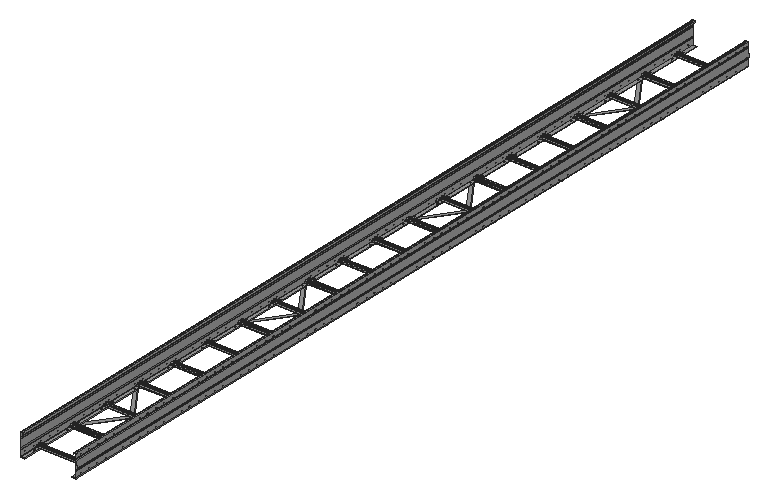
Revit family "WKLG1640", category Generic Models, Revit 2017 (continued)
Forms (mm)
  Extrusion 73, void
    sketch origin (0, 5250, 0) x (0, 1, 0) y (0, 0, 1)
      loop
        arc (50, 23.963) -> (49.843, 24.343) -> (49.463, 24.5) r 0.537
        line (49.463, 24.5) -> (25.5, 24.5)
    from 198 to 199.99
  Extrusion 74, void
    sketch origin (0, 5325, 0) x (0, 1, 0) y (0, 0, 1)
      loop
        arc (25.5, 24.5) -> (25.146, 24.354) -> (25, 24) r 0.5
        line (25, 24) -> (25, 16)
        arc (25, 16) -> (25.146, 15.646) -> (25.5, 15.5) r 0.5
        line (25.5, 15.5) -> (49.5, 15.5)
        arc (49.5, 15.5) -> (49.854, 15.646) -> (50, 16) r 0.5
        line (50, 16) -> (50, 23.963)
        arc (50, 23.963) -> (49.843, 24.343) -> (49.463, 24.5) r 0.537
        line (49.463, 24.5) -> (25.5, 24.5)
    from 198 to 199.99
  Extrusion 75, void
    sketch origin (0, 5400, 0) x (0, 1, 0) y (0, 0, 1)
      loop
        arc (25.5, 24.5) -> (25.146, 24.354) -> (25, 24) r 0.5
        line (25, 24) -> (25, 16)
        arc (25, 16) -> (25.146, 15.646) -> (25.5, 15.5) r 0.5
        line (25.5, 15.5) -> (49.5, 15.5)
        arc (49.5, 15.5) -> (49.854, 15.646) -> (50, 16) r 0.5
        line (50, 16) -> (50, 23.963)
        arc (50, 23.963) -> (49.843, 24.343) -> (49.463, 24.5) r 0.537
        line (49.463, 24.5) -> (25.5, 24.5)
    from 198 to 199.99
  Extrusion 76, void
    sketch origin (0, 5475, 0) x (0, 1, 0) y (0, 0, 1)
      loop
        arc (25.5, 24.5) -> (25.146, 24.354) -> (25, 24) r 0.5
        line (25, 24) -> (25, 16)
        arc (25, 16) -> (25.146, 15.646) -> (25.5, 15.5) r 0.5
        line (25.5, 15.5) -> (49.5, 15.5)
        arc (49.5, 15.5) -> (49.854, 15.646) -> (50, 16) r 0.5
        line (50, 16) -> (50, 23.963)
        arc (50, 23.963) -> (49.843, 24.343) -> (49.463, 24.5) r 0.537
        line (49.463, 24.5) -> (25.5, 24.5)
    from 198 to 199.99
  Extrusion 77, void
    sketch origin (0, 5550, 0) x (0, 1, 0) y (0, 0, 1)
      loop
        arc (25.5, 24.5) -> (25.146, 24.354) -> (25, 24) r 0.5
        line (25, 24) -> (25, 16)
        arc (25, 16) -> (25.146, 15.646) -> (25.5, 15.5) r 0.5
        line (25.5, 15.5) -> (49.5, 15.5)
        arc (49.5, 15.5) -> (49.854, 15.646) -> (50, 16) r 0.5
        line (50, 16) -> (50, 23.963)
        arc (50, 23.963) -> (49.843, 24.343) -> (49.463, 24.5) r 0.537
        line (49.463, 24.5) -> (25.5, 24.5)
    from 198 to 199.99
  Extrusion 78, void
    sketch origin (0, 5625, 0) x (0, 1, 0) y (0, 0, 1)
      loop
        arc (25.5, 24.5) -> (25.146, 24.354) -> (25, 24) r 0.5
        line (25, 24) -> (25, 16)
        arc (25, 16) -> (25.146, 15.646) -> (25.5, 15.5) r 0.5
        line (25.5, 15.5) -> (49.5, 15.5)
        arc (49.5, 15.5) -> (49.854, 15.646) -> (50, 16) r 0.5
        line (50, 16) -> (50, 23.963)
        arc (50, 23.963) -> (49.843, 24.343) -> (49.463, 24.5) r 0.537
        line (49.463, 24.5) -> (25.5, 24.5)
    from 198 to 199.99
  Extrusion 79, void
    sketch origin (0, 5700, 0) x (0, 1, 0) y (0, 0, 1)
      loop
        arc (25.5, 24.5) -> (25.146, 24.354) -> (25, 24) r 0.5
        line (25, 24) -> (25, 16)
        arc (25, 16) -> (25.146, 15.646) -> (25.5, 15.5) r 0.5
        line (25.5, 15.5) -> (49.5, 15.5)
        arc (49.5, 15.5) -> (49.854, 15.646) -> (50, 16) r 0.5
        line (50, 16) -> (50, 23.963)
        arc (50, 23.963) -> (49.843, 24.343) -> (49.463, 24.5) r 0.537
        line (49.463, 24.5) -> (25.5, 24.5)
    from 198 to 199.99
  Extrusion 80, void
    sketch origin (0, 5775, 0) x (0, 1, 0) y (0, 0, 1)
      loop
        arc (25.5, 24.5) -> (25.146, 24.354) -> (25, 24) r 0.5
        line (25, 24) -> (25, 16)
        arc (25, 16) -> (25.146, 15.646) -> (25.5, 15.5) r 0.5
        line (25.5, 15.5) -> (49.5, 15.5)
        arc (49.5, 15.5) -> (49.854, 15.646) -> (50, 16) r 0.5
        line (50, 16) -> (50, 23.963)
        arc (50, 23.963) -> (49.843, 24.343) -> (49.463, 24.5) r 0.537
        line (49.463, 24.5) -> (25.5, 24.5)
    from 198 to 199.99
  Extrusion 81, void
    sketch origin (0, 5850, 0) x (0, 1, 0) y (0, 0, 1)
      loop
        arc (25.5, 24.5) -> (25.146, 24.354) -> (25, 24) r 0.5
        line (25, 24) -> (25, 16)
        arc (25, 16) -> (25.146, 15.646) -> (25.5, 15.5) r 0.5
        line (25.5, 15.5) -> (49.5, 15.5)
        arc (49.5, 15.5) -> (49.854, 15.646) -> (50, 16) r 0.5
        line (50, 16) -> (50, 23.963)
        arc (50, 23.963) -> (49.843, 24.343) -> (49.463, 24.5) r 0.537
        line (49.463, 24.5) -> (25.5, 24.5)
    from 198 to 199.99
  Extrusion 82, void
    sketch origin (0, 5925, 0) x (0, 1, 0) y (0, 0, 1)
      loop
        arc (25.5, 24.5) -> (25.146, 24.354) -> (25, 24) r 0.5
        line (25, 24) -> (25, 16)
        arc (25, 16) -> (25.146, 15.646) -> (25.5, 15.5) r 0.5
        line (25.5, 15.5) -> (49.5, 15.5)
        arc (49.5, 15.5) -> (49.854, 15.646) -> (50, 16) r 0.5
        line (50, 16) -> (50, 23.963)
        arc (50, 23.963) -> (49.843, 24.343) -> (49.463, 24.5) r 0.537
        line (49.463, 24.5) -> (25.5, 24.5)
    from 198 to 199.99
  Extrusion 83, void
    sketch origin (0, 0, 0) x (0, 1, 0) y (0, 0, 1)
      loop
        arc (25.5, 144.531) -> (25.146, 144.385) -> (25, 144.031) r 0.5
        line (25, 144.031) -> (25, 136.031)
        arc (25, 136.031) -> (25.146, 135.677) -> (25.5, 135.531) r 0.5
        line (25.5, 135.531) -> (49.5, 135.531)
        arc (49.5, 135.531) -> (49.854, 135.677) -> (50, 136.031) r 0.5
        line (50, 136.031) -> (50, 144.031)
        arc (50, 144.031) -> (49.854, 144.385) -> (49.5, 144.531) r 0.5
        line (49.5, 144.531) -> (25.5, 144.531)
    from 197.685 to 199.684
  Extrusion 84, void
    sketch origin (0, 75, 0) x (0, 1, 0) y (0, 0, 1)
      loop
        arc (25.5, 144.531) -> (25.146, 144.385) -> (25, 144.031) r 0.5
        line (25, 144.031) -> (25, 136.031)
        arc (25, 136.031) -> (25.146, 135.677) -> (25.5, 135.531) r 0.5
        line (25.5, 135.531) -> (49.5, 135.531)
        arc (49.5, 135.531) -> (49.854, 135.677) -> (50, 136.031) r 0.5
        line (50, 136.031) -> (50, 144.031)
        arc (50, 144.031) -> (49.854, 144.385) -> (49.5, 144.531) r 0.5
        line (49.5, 144.531) -> (25.5, 144.531)
    from 197.685 to 199.684
  Extrusion 85, void
    sketch origin (0, 150, 0) x (0, 1, 0) y (0, 0, 1)
      loop
        arc (25.5, 144.531) -> (25.146, 144.385) -> (25, 144.031) r 0.5
        line (25, 144.031) -> (25, 136.031)
        arc (25, 136.031) -> (25.146, 135.677) -> (25.5, 135.531) r 0.5
        line (25.5, 135.531) -> (49.5, 135.531)
        arc (49.5, 135.531) -> (49.854, 135.677) -> (50, 136.031) r 0.5
        line (50, 136.031) -> (50, 144.031)
        arc (50, 144.031) -> (49.854, 144.385) -> (49.5, 144.531) r 0.5
        line (49.5, 144.531) -> (25.5, 144.531)
    from 197.685 to 199.684
  Extrusion 86, void
    sketch origin (0, 225, 0) x (0, 1, 0) y (0, 0, 1)
      loop
        arc (25.5, 144.531) -> (25.146, 144.385) -> (25, 144.031) r 0.5
        line (25, 144.031) -> (25, 136.031)
        arc (25, 136.031) -> (25.146, 135.677) -> (25.5, 135.531) r 0.5
        line (25.5, 135.531) -> (49.5, 135.531)
        arc (49.5, 135.531) -> (49.854, 135.677) -> (50, 136.031) r 0.5
        line (50, 136.031) -> (50, 144.031)
        arc (50, 144.031) -> (49.854, 144.385) -> (49.5, 144.531) r 0.5
        line (49.5, 144.531) -> (25.5, 144.531)
    from 197.685 to 199.684
  Extrusion 87, void
    sketch origin (0, 300, 0) x (0, 1, 0) y (0, 0, 1)
      loop
        arc (25.5, 144.531) -> (25.146, 144.385) -> (25, 144.031) r 0.5
        line (25, 144.031) -> (25, 136.031)
        arc (25, 136.031) -> (25.146, 135.677) -> (25.5, 135.531) r 0.5
        line (25.5, 135.531) -> (49.5, 135.531)
        arc (49.5, 135.531) -> (49.854, 135.677) -> (50, 136.031) r 0.5
        line (50, 136.031) -> (50, 144.031)
        arc (50, 144.031) -> (49.854, 144.385) -> (49.5, 144.531) r 0.5
        line (49.5, 144.531) -> (25.5, 144.531)
    from 197.685 to 199.684
  Extrusion 88, void
    sketch origin (0, 375, 0) x (0, 1, 0) y (0, 0, 1)
      loop
        arc (25.5, 144.531) -> (25.146, 144.385) -> (25, 144.031) r 0.5
        line (25, 144.031) -> (25, 136.031)
        arc (25, 136.031) -> (25.146, 135.677) -> (25.5, 135.531) r 0.5
        line (25.5, 135.531) -> (49.5, 135.531)
        arc (49.5, 135.531) -> (49.854, 135.677) -> (50, 136.031) r 0.5
        line (50, 136.031) -> (50, 144.031)
        arc (50, 144.031) -> (49.854, 144.385) -> (49.5, 144.531) r 0.5
        line (49.5, 144.531) -> (25.5, 144.531)
    from 197.685 to 199.684
  Extrusion 89, void
    sketch origin (0, 450, 0) x (0, 1, 0) y (0, 0, 1)
      loop
        arc (25.5, 144.531) -> (25.146, 144.385) -> (25, 144.031) r 0.5
        line (25, 144.031) -> (25, 136.031)
        arc (25, 136.031) -> (25.146, 135.677) -> (25.5, 135.531) r 0.5
        line (25.5, 135.531) -> (49.5, 135.531)
        arc (49.5, 135.531) -> (49.854, 135.677) -> (50, 136.031) r 0.5
        line (50, 136.031) -> (50, 144.031)
        arc (50, 144.031) -> (49.854, 144.385) -> (49.5, 144.531) r 0.5
        line (49.5, 144.531) -> (25.5, 144.531)
    from 197.685 to 199.684
  Extrusion 90, void
    sketch origin (0, 525, 0) x (0, 1, 0) y (0, 0, 1)
      loop
        arc (25.5, 144.531) -> (25.146, 144.385) -> (25, 144.031) r 0.5
        line (25, 144.031) -> (25, 136.031)
        arc (25, 136.031) -> (25.146, 135.677) -> (25.5, 135.531) r 0.5
        line (25.5, 135.531) -> (49.5, 135.531)
        arc (49.5, 135.531) -> (49.854, 135.677) -> (50, 136.031) r 0.5
        line (50, 136.031) -> (50, 144.031)
        arc (50, 144.031) -> (49.854, 144.385) -> (49.5, 144.531) r 0.5
        line (49.5, 144.531) -> (25.5, 144.531)
    from 197.685 to 199.684
  Extrusion 91, void
    sketch origin (0, 600, 0) x (0, 1, 0) y (0, 0, 1)
      loop
        arc (25.5, 144.531) -> (25.146, 144.385) -> (25, 144.031) r 0.5
        line (25, 144.031) -> (25, 136.031)
        arc (25, 136.031) -> (25.146, 135.677) -> (25.5, 135.531) r 0.5
        line (25.5, 135.531) -> (49.5, 135.531)
        arc (49.5, 135.531) -> (49.854, 135.677) -> (50, 136.031) r 0.5
        line (50, 136.031) -> (50, 144.031)
        arc (50, 144.031) -> (49.854, 144.385) -> (49.5, 144.531) r 0.5
        line (49.5, 144.531) -> (25.5, 144.531)
    from 197.685 to 199.684
  Extrusion 92, void
    sketch origin (0, 675, 0) x (0, 1, 0) y (0, 0, 1)
      loop
        arc (25.5, 144.531) -> (25.146, 144.385) -> (25, 144.031) r 0.5
        line (25, 144.031) -> (25, 136.031)
        arc (25, 136.031) -> (25.146, 135.677) -> (25.5, 135.531) r 0.5
        line (25.5, 135.531) -> (49.5, 135.531)
        arc (49.5, 135.531) -> (49.854, 135.677) -> (50, 136.031) r 0.5
        line (50, 136.031) -> (50, 144.031)
        arc (50, 144.031) -> (49.854, 144.385) -> (49.5, 144.531) r 0.5
        line (49.5, 144.531) -> (25.5, 144.531)
    from 197.685 to 199.684
  Extrusion 93, void
    sketch origin (0, 750, 0) x (0, 1, 0) y (0, 0, 1)
      loop
        arc (25.5, 144.531) -> (25.146, 144.385) -> (25, 144.031) r 0.5
        line (25, 144.031) -> (25, 136.031)
        arc (25, 136.031) -> (25.146, 135.677) -> (25.5, 135.531) r 0.5
        line (25.5, 135.531) -> (49.5, 135.531)
        arc (49.5, 135.531) -> (49.854, 135.677) -> (50, 136.031) r 0.5
        line (50, 136.031) -> (50, 144.031)
        arc (50, 144.031) -> (49.854, 144.385) -> (49.5, 144.531) r 0.5
        line (49.5, 144.531) -> (25.5, 144.531)
    from 197.685 to 199.684
  Extrusion 94, void
    sketch origin (0, 825, 0) x (0, 1, 0) y (0, 0, 1)
      loop
        arc (25.5, 144.531) -> (25.146, 144.385) -> (25, 144.031) r 0.5
        line (25, 144.031) -> (25, 136.031)
        arc (25, 136.031) -> (25.146, 135.677) -> (25.5, 135.531) r 0.5
        line (25.5, 135.531) -> (49.5, 135.531)
        arc (49.5, 135.531) -> (49.854, 135.677) -> (50, 136.031) r 0.5
        line (50, 136.031) -> (50, 144.031)
        arc (50, 144.031) -> (49.854, 144.385) -> (49.5, 144.531) r 0.5
        line (49.5, 144.531) -> (25.5, 144.531)
    from 197.685 to 199.684
  Extrusion 95, void
    sketch origin (0, 900, 0) x (0, 1, 0) y (0, 0, 1)
      loop
        arc (25.5, 144.531) -> (25.146, 144.385) -> (25, 144.031) r 0.5
        line (25, 144.031) -> (25, 136.031)
        arc (25, 136.031) -> (25.146, 135.677) -> (25.5, 135.531) r 0.5
        line (25.5, 135.531) -> (49.5, 135.531)
        arc (49.5, 135.531) -> (49.854, 135.677) -> (50, 136.031) r 0.5
        line (50, 136.031) -> (50, 144.031)
        arc (50, 144.031) -> (49.854, 144.385) -> (49.5, 144.531) r 0.5
        line (49.5, 144.531) -> (25.5, 144.531)
    from 197.685 to 199.684
  Extrusion 96, void
    sketch origin (0, 975, 0) x (0, 1, 0) y (0, 0, 1)
      loop
        arc (25.5, 144.531) -> (25.146, 144.385) -> (25, 144.031) r 0.5
        line (25, 144.031) -> (25, 136.031)
        arc (25, 136.031) -> (25.146, 135.677) -> (25.5, 135.531) r 0.5
        line (25.5, 135.531) -> (49.5, 135.531)
        arc (49.5, 135.531) -> (49.854, 135.677) -> (50, 136.031) r 0.5
        line (50, 136.031) -> (50, 144.031)
        arc (50, 144.031) -> (49.854, 144.385) -> (49.5, 144.531) r 0.5
        line (49.5, 144.531) -> (25.5, 144.531)
    from 197.685 to 199.684
  Extrusion 97, void
    sketch origin (0, 1050, 0) x (0, 1, 0) y (0, 0, 1)
      loop
        arc (25.5, 144.531) -> (25.146, 144.385) -> (25, 144.031) r 0.5
        line (25, 144.031) -> (25, 136.031)
        arc (25, 136.031) -> (25.146, 135.677) -> (25.5, 135.531) r 0.5
        line (25.5, 135.531) -> (49.5, 135.531)
        arc (49.5, 135.531) -> (49.854, 135.677) -> (50, 136.031) r 0.5
        line (50, 136.031) -> (50, 144.031)
        arc (50, 144.031) -> (49.854, 144.385) -> (49.5, 144.531) r 0.5
        line (49.5, 144.531) -> (25.5, 144.531)
    from 197.685 to 199.684
  Extrusion 98, void
    sketch origin (0, 1125, 0) x (0, 1, 0) y (0, 0, 1)
      loop
        arc (25.5, 144.531) -> (25.146, 144.385) -> (25, 144.031) r 0.5
        line (25, 144.031) -> (25, 136.031)
        arc (25, 136.031) -> (25.146, 135.677) -> (25.5, 135.531) r 0.5
        line (25.5, 135.531) -> (49.5, 135.531)
        arc (49.5, 135.531) -> (49.854, 135.677) -> (50, 136.031) r 0.5
        line (50, 136.031) -> (50, 144.031)
        arc (50, 144.031) -> (49.854, 144.385) -> (49.5, 144.531) r 0.5
        line (49.5, 144.531) -> (25.5, 144.531)
    from 197.685 to 199.684
  Extrusion 99, void
    sketch origin (0, 1200, 0) x (0, 1, 0) y (0, 0, 1)
      loop
        arc (25.5, 144.531) -> (25.146, 144.385) -> (25, 144.031) r 0.5
        line (25, 144.031) -> (25, 136.031)
        arc (25, 136.031) -> (25.146, 135.677) -> (25.5, 135.531) r 0.5
        line (25.5, 135.531) -> (49.5, 135.531)
        arc (49.5, 135.531) -> (49.854, 135.677) -> (50, 136.031) r 0.5
        line (50, 136.031) -> (50, 144.031)
        arc (50, 144.031) -> (49.854, 144.385) -> (49.5, 144.531) r 0.5
        line (49.5, 144.531) -> (25.5, 144.531)
    from 197.685 to 199.684
  Extrusion 100, void
    sketch origin (0, 1275, 0) x (0, 1, 0) y (0, 0, 1)
      loop
        arc (25.5, 144.531) -> (25.146, 144.385) -> (25, 144.031) r 0.5
        line (25, 144.031) -> (25, 136.031)
        arc (25, 136.031) -> (25.146, 135.677) -> (25.5, 135.531) r 0.5
        line (25.5, 135.531) -> (49.5, 135.531)
        arc (49.5, 135.531) -> (49.854, 135.677) -> (50, 136.031) r 0.5
        line (50, 136.031) -> (50, 144.031)
        arc (50, 144.031) -> (49.854, 144.385) -> (49.5, 144.531) r 0.5
        line (49.5, 144.531) -> (25.5, 144.531)
    from 197.685 to 199.684
  Extrusion 101, void
    sketch origin (0, 1350, 0) x (0, 1, 0) y (0, 0, 1)
      loop
        arc (25.5, 144.531) -> (25.146, 144.385) -> (25, 144.031) r 0.5
        line (25, 144.031) -> (25, 136.031)
        arc (25, 136.031) -> (25.146, 135.677) -> (25.5, 135.531) r 0.5
        line (25.5, 135.531) -> (49.5, 135.531)
        arc (49.5, 135.531) -> (49.854, 135.677) -> (50, 136.031) r 0.5
        line (50, 136.031) -> (50, 144.031)
        arc (50, 144.031) -> (49.854, 144.385) -> (49.5, 144.531) r 0.5
        line (49.5, 144.531) -> (25.5, 144.531)
    from 197.685 to 199.684
  Extrusion 102, void
    sketch origin (0, 1425, 0) x (0, 1, 0) y (0, 0, 1)
      loop
        arc (25.5, 144.531) -> (25.146, 144.385) -> (25, 144.031) r 0.5
        line (25, 144.031) -> (25, 136.031)
        arc (25, 136.031) -> (25.146, 135.677) -> (25.5, 135.531) r 0.5
        line (25.5, 135.531) -> (49.5, 135.531)
        arc (49.5, 135.531) -> (49.854, 135.677) -> (50, 136.031) r 0.5
        line (50, 136.031) -> (50, 144.031)
        arc (50, 144.031) -> (49.854, 144.385) -> (49.5, 144.531) r 0.5
        line (49.5, 144.531) -> (25.5, 144.531)
    from 197.685 to 199.684
  Extrusion 103, void
    sketch origin (0, 1500, 0) x (0, 1, 0) y (0, 0, 1)
      loop
        arc (25.5, 144.531) -> (25.146, 144.385) -> (25, 144.031) r 0.5
        line (25, 144.031) -> (25, 136.031)
        arc (25, 136.031) -> (25.146, 135.677) -> (25.5, 135.531) r 0.5
        line (25.5, 135.531) -> (49.5, 135.531)
        arc (49.5, 135.531) -> (49.854, 135.677) -> (50, 136.031) r 0.5
        line (50, 136.031) -> (50, 144.031)
        arc (50, 144.031) -> (49.854, 144.385) -> (49.5, 144.531) r 0.5
        line (49.5, 144.531) -> (25.5, 144.531)
    from 197.685 to 199.684
  Extrusion 104, void
    sketch origin (0, 1575, 0) x (0, 1, 0) y (0, 0, 1)
      loop
        arc (25.5, 144.531) -> (25.146, 144.385) -> (25, 144.031) r 0.5
        line (25, 144.031) -> (25, 136.031)
        arc (25, 136.031) -> (25.146, 135.677) -> (25.5, 135.531) r 0.5
        line (25.5, 135.531) -> (49.5, 135.531)
        arc (49.5, 135.531) -> (49.854, 135.677) -> (50, 136.031) r 0.5
        line (50, 136.031) -> (50, 144.031)
        arc (50, 144.031) -> (49.854, 144.385) -> (49.5, 144.531) r 0.5
        line (49.5, 144.531) -> (25.5, 144.531)
    from 197.685 to 199.684
  Extrusion 105, void
    sketch origin (0, 1650, 0) x (0, 1, 0) y (0, 0, 1)
      loop
        arc (25.5, 144.531) -> (25.146, 144.385) -> (25, 144.031) r 0.5
        line (25, 144.031) -> (25, 136.031)
        arc (25, 136.031) -> (25.146, 135.677) -> (25.5, 135.531) r 0.5
        line (25.5, 135.531) -> (49.5, 135.531)
        arc (49.5, 135.531) -> (49.854, 135.677) -> (50, 136.031) r 0.5
        line (50, 136.031) -> (50, 144.031)
        arc (50, 144.031) -> (49.854, 144.385) -> (49.5, 144.531) r 0.5
        line (49.5, 144.531) -> (25.5, 144.531)
    from 197.685 to 199.684
  Extrusion 106, void
    sketch origin (0, 1725, 0) x (0, 1, 0) y (0, 0, 1)
      loop
        arc (25.5, 144.531) -> (25.146, 144.385) -> (25, 144.031) r 0.5
        line (25, 144.031) -> (25, 136.031)
        arc (25, 136.031) -> (25.146, 135.677) -> (25.5, 135.531) r 0.5
        line (25.5, 135.531) -> (49.5, 135.531)
        arc (49.5, 135.531) -> (49.854, 135.677) -> (50, 136.031) r 0.5
        line (50, 136.031) -> (50, 144.031)
        arc (50, 144.031) -> (49.854, 144.385) -> (49.5, 144.531) r 0.5
        line (49.5, 144.531) -> (25.5, 144.531)
    from 197.685 to 199.684
  Extrusion 107, void
    sketch origin (0, 1800, 0) x (0, 1, 0) y (0, 0, 1)
      loop
        arc (25.5, 144.531) -> (25.146, 144.385) -> (25, 144.031) r 0.5
        line (25, 144.031) -> (25, 136.031)
        arc (25, 136.031) -> (25.146, 135.677) -> (25.5, 135.531) r 0.5
        line (25.5, 135.531) -> (49.5, 135.531)
        arc (49.5, 135.531) -> (49.854, 135.677) -> (50, 136.031) r 0.5
        line (50, 136.031) -> (50, 144.031)
        arc (50, 144.031) -> (49.854, 144.385) -> (49.5, 144.531) r 0.5
        line (49.5, 144.531) -> (25.5, 144.531)
    from 197.685 to 199.684
  Extrusion 108, void
    sketch origin (0, 1875, 0) x (0, 1, 0) y (0, 0, 1)
      loop
        arc (25.5, 144.531) -> (25.146, 144.385) -> (25, 144.031) r 0.5
        line (25, 144.031) -> (25, 136.031)
        arc (25, 136.031) -> (25.146, 135.677) -> (25.5, 135.531) r 0.5
        line (25.5, 135.531) -> (49.5, 135.531)
        arc (49.5, 135.531) -> (49.854, 135.677) -> (50, 136.031) r 0.5
        line (50, 136.031) -> (50, 144.031)
        arc (50, 144.031) -> (49.854, 144.385) -> (49.5, 144.531) r 0.5
        line (49.5, 144.531) -> (25.5, 144.531)
    from 197.685 to 199.684
  Extrusion 109, void
    sketch origin (0, 1950, 0) x (0, 1, 0) y (0, 0, 1)
      loop
        arc (25.5, 144.531) -> (25.146, 144.385) -> (25, 144.031) r 0.5
        line (25, 144.031) -> (25, 136.031)
        arc (25, 136.031) -> (25.146, 135.677) -> (25.5, 135.531) r 0.5
        line (25.5, 135.531) -> (49.5, 135.531)
        arc (49.5, 135.531) -> (49.854, 135.677) -> (50, 136.031) r 0.5
        line (50, 136.031) -> (50, 144.031)
        arc (50, 144.031) -> (49.854, 144.385) -> (49.5, 144.531) r 0.5
        line (49.5, 144.531) -> (25.5, 144.531)
    from 197.685 to 199.684
  Extrusion 110, void
    sketch origin (0, 2025, 0) x (0, 1, 0) y (0, 0, 1)
      loop
        arc (25.5, 144.531) -> (25.146, 144.385) -> (25, 144.031) r 0.5
        line (25, 144.031) -> (25, 136.031)
        arc (25, 136.031) -> (25.146, 135.677) -> (25.5, 135.531) r 0.5
        line (25.5, 135.531) -> (49.5, 135.531)
        arc (49.5, 135.531) -> (49.854, 135.677) -> (50, 136.031) r 0.5
        line (50, 136.031) -> (50, 144.031)
        arc (50, 144.031) -> (49.854, 144.385) -> (49.5, 144.531) r 0.5
        line (49.5, 144.531) -> (25.5, 144.531)
    from 197.685 to 199.684
  Extrusion 111, void
    sketch origin (0, 2100, 0) x (0, 1, 0) y (0, 0, 1)
      loop
        arc (25.5, 144.531) -> (25.146, 144.385) -> (25, 144.031) r 0.5
        line (25, 144.031) -> (25, 136.031)
        arc (25, 136.031) -> (25.146, 135.677) -> (25.5, 135.531) r 0.5
        line (25.5, 135.531) -> (49.5, 135.531)
        arc (49.5, 135.531) -> (49.854, 135.677) -> (50, 136.031) r 0.5
        line (50, 136.031) -> (50, 144.031)
        arc (50, 144.031) -> (49.854, 144.385) -> (49.5, 144.531) r 0.5
        line (49.5, 144.531) -> (25.5, 144.531)
    from 197.685 to 199.684
  Extrusion 112, void
    sketch origin (0, 2175, 0) x (0, 1, 0) y (0, 0, 1)
      loop
        arc (25.5, 144.531) -> (25.146, 144.385) -> (25, 144.031) r 0.5
        line (25, 144.031) -> (25, 136.031)
        arc (25, 136.031) -> (25.146, 135.677) -> (25.5, 135.531) r 0.5
        line (25.5, 135.531) -> (49.5, 135.531)
        arc (49.5, 135.531) -> (49.854, 135.677) -> (50, 136.031) r 0.5
        line (50, 136.031) -> (50, 144.031)
        arc (50, 144.031) -> (49.854, 144.385) -> (49.5, 144.531) r 0.5
        line (49.5, 144.531) -> (25.5, 144.531)
    from 197.685 to 199.684
  Extrusion 113, void
    sketch origin (0, 2250, 0) x (0, 1, 0) y (0, 0, 1)
      loop
        arc (25.5, 144.531) -> (25.146, 144.385) -> (25, 144.031) r 0.5
        line (25, 144.031) -> (25, 136.031)
        arc (25, 136.031) -> (25.146, 135.677) -> (25.5, 135.531) r 0.5
        line (25.5, 135.531) -> (49.5, 135.531)
        arc (49.5, 135.531) -> (49.854, 135.677) -> (50, 136.031) r 0.5
        line (50, 136.031) -> (50, 144.031)
        arc (50, 144.031) -> (49.854, 144.385) -> (49.5, 144.531) r 0.5
        line (49.5, 144.531) -> (25.5, 144.531)
    from 197.685 to 199.684
  Extrusion 114, void
    sketch origin (0, 2325, 0) x (0, 1, 0) y (0, 0, 1)
      loop
        arc (25.5, 144.531) -> (25.146, 144.385) -> (25, 144.031) r 0.5
        line (25, 144.031) -> (25, 136.031)
        arc (25, 136.031) -> (25.146, 135.677) -> (25.5, 135.531) r 0.5
        line (25.5, 135.531) -> (49.5, 135.531)
        arc (49.5, 135.531) -> (49.854, 135.677) -> (50, 136.031) r 0.5
        line (50, 136.031) -> (50, 144.031)
        arc (50, 144.031) -> (49.854, 144.385) -> (49.5, 144.531) r 0.5
        line (49.5, 144.531) -> (25.5, 144.531)
    from 197.685 to 199.684
  Extrusion 115, void
    sketch origin (0, 2400, 0) x (0, 1, 0) y (0, 0, 1)
      loop
        arc (25.5, 144.531) -> (25.146, 144.385) -> (25, 144.031) r 0.5
        line (25, 144.031) -> (25, 136.031)
        arc (25, 136.031) -> (25.146, 135.677) -> (25.5, 135.531) r 0.5
        line (25.5, 135.531) -> (49.5, 135.531)
        arc (49.5, 135.531) -> (49.854, 135.677) -> (50, 136.031) r 0.5
        line (50, 136.031) -> (50, 144.031)
        arc (50, 144.031) -> (49.854, 144.385) -> (49.5, 144.531) r 0.5
        line (49.5, 144.531) -> (25.5, 144.531)
    from 197.685 to 199.684
  Extrusion 116, void
    sketch origin (0, 2475, 0) x (0, 1, 0) y (0, 0, 1)
      loop
        arc (25.5, 144.531) -> (25.146, 144.385) -> (25, 144.031) r 0.5
        line (25, 144.031) -> (25, 136.031)
        arc (25, 136.031) -> (25.146, 135.677) -> (25.5, 135.531) r 0.5
        line (25.5, 135.531) -> (49.5, 135.531)
        arc (49.5, 135.531) -> (49.854, 135.677) -> (50, 136.031) r 0.5
        line (50, 136.031) -> (50, 144.031)
        arc (50, 144.031) -> (49.854, 144.385) -> (49.5, 144.531) r 0.5
        line (49.5, 144.531) -> (25.5, 144.531)
    from 197.685 to 199.684
  Extrusion 117, void
    sketch origin (0, 2550, 0) x (0, 1, 0) y (0, 0, 1)
      loop
        arc (25.5, 144.531) -> (25.146, 144.385) -> (25, 144.031) r 0.5
        line (25, 144.031) -> (25, 136.031)
        arc (25, 136.031) -> (25.146, 135.677) -> (25.5, 135.531) r 0.5
        line (25.5, 135.531) -> (49.5, 135.531)
        arc (49.5, 135.531) -> (49.854, 135.677) -> (50, 136.031) r 0.5
        line (50, 136.031) -> (50, 144.031)
        arc (50, 144.031) -> (49.854, 144.385) -> (49.5, 144.531) r 0.5
        line (49.5, 144.531) -> (25.5, 144.531)
    from 197.685 to 199.684
  Extrusion 118, void
    sketch origin (0, 2625, 0) x (0, 1, 0) y (0, 0, 1)
      loop
        arc (25.5, 144.531) -> (25.146, 144.385) -> (25, 144.031) r 0.5
        line (25, 144.031) -> (25, 136.031)
        arc (25, 136.031) -> (25.146, 135.677) -> (25.5, 135.531) r 0.5
        line (25.5, 135.531) -> (49.5, 135.531)
        arc (49.5, 135.531) -> (49.854, 135.677) -> (50, 136.031) r 0.5
        line (50, 136.031) -> (50, 144.031)
        arc (50, 144.031) -> (49.854, 144.385) -> (49.5, 144.531) r 0.5
        line (49.5, 144.531) -> (25.5, 144.531)
    from 197.685 to 199.684
  Extrusion 119, void
    sketch origin (0, 2700, 0) x (0, 1, 0) y (0, 0, 1)
      loop
        arc (25.5, 144.531) -> (25.146, 144.385) -> (25, 144.031) r 0.5
        line (25, 144.031) -> (25, 136.031)
        arc (25, 136.031) -> (25.146, 135.677) -> (25.5, 135.531) r 0.5
        line (25.5, 135.531) -> (49.5, 135.531)
        arc (49.5, 135.531) -> (49.854, 135.677) -> (50, 136.031) r 0.5
        line (50, 136.031) -> (50, 144.031)
        arc (50, 144.031) -> (49.854, 144.385) -> (49.5, 144.531) r 0.5
        line (49.5, 144.531) -> (25.5, 144.531)
    from 197.685 to 199.684
  Extrusion 120, void
    sketch origin (0, 2775, 0) x (0, 1, 0) y (0, 0, 1)
      loop
        arc (25.5, 144.531) -> (25.146, 144.385) -> (25, 144.031) r 0.5
        line (25, 144.031) -> (25, 136.031)
        arc (25, 136.031) -> (25.146, 135.677) -> (25.5, 135.531) r 0.5
        line (25.5, 135.531) -> (49.5, 135.531)
        arc (49.5, 135.531) -> (49.854, 135.677) -> (50, 136.031) r 0.5
        line (50, 136.031) -> (50, 144.031)
        arc (50, 144.031) -> (49.854, 144.385) -> (49.5, 144.531) r 0.5
        line (49.5, 144.531) -> (25.5, 144.531)
    from 197.685 to 199.684
  Extrusion 121, void
    sketch origin (0, 2850, 0) x (0, 1, 0) y (0, 0, 1)
      loop
        arc (25.5, 144.531) -> (25.146, 144.385) -> (25, 144.031) r 0.5
        line (25, 144.031) -> (25, 136.031)
        arc (25, 136.031) -> (25.146, 135.677) -> (25.5, 135.531) r 0.5
        line (25.5, 135.531) -> (49.5, 135.531)
        arc (49.5, 135.531) -> (49.854, 135.677) -> (50, 136.031) r 0.5
        line (50, 136.031) -> (50, 144.031)
        arc (50, 144.031) -> (49.854, 144.385) -> (49.5, 144.531) r 0.5
        line (49.5, 144.531) -> (25.5, 144.531)
    from 197.685 to 199.684
  Extrusion 122, void
    sketch origin (0, 2925, 0) x (0, 1, 0) y (0, 0, 1)
      loop
        arc (25.5, 144.531) -> (25.146, 144.385) -> (25, 144.031) r 0.5
        line (25, 144.031) -> (25, 136.031)
        arc (25, 136.031) -> (25.146, 135.677) -> (25.5, 135.531) r 0.5
        line (25.5, 135.531) -> (49.5, 135.531)
        arc (49.5, 135.531) -> (49.854, 135.677) -> (50, 136.031) r 0.5
        line (50, 136.031) -> (50, 144.031)
        arc (50, 144.031) -> (49.854, 144.385) -> (49.5, 144.531) r 0.5
        line (49.5, 144.531) -> (25.5, 144.531)
    from 197.685 to 199.684
  Extrusion 123, void
    sketch origin (0, 3000, 0) x (0, 1, 0) y (0, 0, 1)
      loop
        arc (25.5, 144.531) -> (25.146, 144.385) -> (25, 144.031) r 0.5
        line (25, 144.031) -> (25, 136.031)
        arc (25, 136.031) -> (25.146, 135.677) -> (25.5, 135.531) r 0.5
        line (25.5, 135.531) -> (49.5, 135.531)
        arc (49.5, 135.531) -> (49.854, 135.677) -> (50, 136.031) r 0.5
        line (50, 136.031) -> (50, 144.031)
        arc (50, 144.031) -> (49.854, 144.385) -> (49.5, 144.531) r 0.5
        line (49.5, 144.531) -> (25.5, 144.531)
    from 197.685 to 199.684
  Extrusion 124, void
    sketch origin (0, 3075, 0) x (0, 1, 0) y (0, 0, 1)
      loop
        arc (25.5, 144.531) -> (25.146, 144.385) -> (25, 144.031) r 0.5
        line (25, 144.031) -> (25, 136.031)
        arc (25, 136.031) -> (25.146, 135.677) -> (25.5, 135.531) r 0.5
        line (25.5, 135.531) -> (49.5, 135.531)
        arc (49.5, 135.531) -> (49.854, 135.677) -> (50, 136.031) r 0.5
        line (50, 136.031) -> (50, 144.031)
        arc (50, 144.031) -> (49.854, 144.385) -> (49.5, 144.531) r 0.5
        line (49.5, 144.531) -> (25.5, 144.531)
    from 197.685 to 199.684
  Extrusion 125, void
    sketch origin (0, 3150, 0) x (0, 1, 0) y (0, 0, 1)
      loop
        arc (25.5, 144.531) -> (25.146, 144.385) -> (25, 144.031) r 0.5
        line (25, 144.031) -> (25, 136.031)
        arc (25, 136.031) -> (25.146, 135.677) -> (25.5, 135.531) r 0.5
        line (25.5, 135.531) -> (49.5, 135.531)
        arc (49.5, 135.531) -> (49.854, 135.677) -> (50, 136.031) r 0.5
        line (50, 136.031) -> (50, 144.031)
        arc (50, 144.031) -> (49.854, 144.385) -> (49.5, 144.531) r 0.5
        line (49.5, 144.531) -> (25.5, 144.531)
    from 197.685 to 199.684
  Extrusion 126, void
    sketch origin (0, 3225, 0) x (0, 1, 0) y (0, 0, 1)
      loop
        arc (25.5, 144.531) -> (25.146, 144.385) -> (25, 144.031) r 0.5
        line (25, 144.031) -> (25, 136.031)
        arc (25, 136.031) -> (25.146, 135.677) -> (25.5, 135.531) r 0.5
        line (25.5, 135.531) -> (49.5, 135.531)
        arc (49.5, 135.531) -> (49.854, 135.677) -> (50, 136.031) r 0.5
        line (50, 136.031) -> (50, 144.031)
        arc (50, 144.031) -> (49.854, 144.385) -> (49.5, 144.531) r 0.5
        line (49.5, 144.531) -> (25.5, 144.531)
    from 197.685 to 199.684
  Extrusion 127, void
    sketch origin (0, 3300, 0) x (0, 1, 0) y (0, 0, 1)
      loop
        arc (25.5, 144.531) -> (25.146, 144.385) -> (25, 144.031) r 0.5
        line (25, 144.031) -> (25, 136.031)
        arc (25, 136.031) -> (25.146, 135.677) -> (25.5, 135.531) r 0.5
        line (25.5, 135.531) -> (49.5, 135.531)
        arc (49.5, 135.531) -> (49.854, 135.677) -> (50, 136.031) r 0.5
        line (50, 136.031) -> (50, 144.031)
        arc (50, 144.031) -> (49.854, 144.385) -> (49.5, 144.531) r 0.5
        line (49.5, 144.531) -> (25.5, 144.531)
    from 197.685 to 199.684
  Extrusion 128, void
    sketch origin (0, 3375, 0) x (0, 1, 0) y (0, 0, 1)
      loop
        arc (25.5, 144.531) -> (25.146, 144.385) -> (25, 144.031) r 0.5
        line (25, 144.031) -> (25, 136.031)
        arc (25, 136.031) -> (25.146, 135.677) -> (25.5, 135.531) r 0.5
        line (25.5, 135.531) -> (49.5, 135.531)
        arc (49.5, 135.531) -> (49.854, 135.677) -> (50, 136.031) r 0.5
        line (50, 136.031) -> (50, 144.031)
        arc (50, 144.031) -> (49.854, 144.385) -> (49.5, 144.531) r 0.5
        line (49.5, 144.531) -> (25.5, 144.531)
    from 197.685 to 199.684
  Extrusion 129, void
    sketch origin (0, 3450, 0) x (0, 1, 0) y (0, 0, 1)
      loop
        arc (25.5, 144.531) -> (25.146, 144.385) -> (25, 144.031) r 0.5
        line (25, 144.031) -> (25, 136.031)
        arc (25, 136.031) -> (25.146, 135.677) -> (25.5, 135.531) r 0.5
        line (25.5, 135.531) -> (49.5, 135.531)
        arc (49.5, 135.531) -> (49.854, 135.677) -> (50, 136.031) r 0.5
        line (50, 136.031) -> (50, 144.031)
        arc (50, 144.031) -> (49.854, 144.385) -> (49.5, 144.531) r 0.5
        line (49.5, 144.531) -> (25.5, 144.531)
    from 197.685 to 199.684
  Extrusion 130, void
    sketch origin (0, 3525, 0) x (0, 1, 0) y (0, 0, 1)
      loop
        arc (25.5, 144.531) -> (25.146, 144.385) -> (25, 144.031) r 0.5
        line (25, 144.031) -> (25, 136.031)
        arc (25, 136.031) -> (25.146, 135.677) -> (25.5, 135.531) r 0.5
        line (25.5, 135.531) -> (49.5, 135.531)
        arc (49.5, 135.531) -> (49.854, 135.677) -> (50, 136.031) r 0.5
        line (50, 136.031) -> (50, 144.031)
        arc (50, 144.031) -> (49.854, 144.385) -> (49.5, 144.531) r 0.5
        line (49.5, 144.531) -> (25.5, 144.531)
    from 197.685 to 199.684
  Extrusion 131, void
    sketch origin (0, 3600, 0) x (0, 1, 0) y (0, 0, 1)
      loop
        arc (25.5, 144.531) -> (25.146, 144.385) -> (25, 144.031) r 0.5
        line (25, 144.031) -> (25, 136.031)
        arc (25, 136.031) -> (25.146, 135.677) -> (25.5, 135.531) r 0.5
        line (25.5, 135.531) -> (49.5, 135.531)
        arc (49.5, 135.531) -> (49.854, 135.677) -> (50, 136.031) r 0.5
        line (50, 136.031) -> (50, 144.031)
        arc (50, 144.031) -> (49.854, 144.385) -> (49.5, 144.531) r 0.5
        line (49.5, 144.531) -> (25.5, 144.531)
    from 197.685 to 199.684
  Extrusion 132, void
    sketch origin (0, 3675, 0) x (0, 1, 0) y (0, 0, 1)
      loop
        arc (25.5, 144.531) -> (25.146, 144.385) -> (25, 144.031) r 0.5
        line (25, 144.031) -> (25, 136.031)
        arc (25, 136.031) -> (25.146, 135.677) -> (25.5, 135.531) r 0.5
        line (25.5, 135.531) -> (49.5, 135.531)
        arc (49.5, 135.531) -> (49.854, 135.677) -> (50, 136.031) r 0.5
        line (50, 136.031) -> (50, 144.031)
        arc (50, 144.031) -> (49.854, 144.385) -> (49.5, 144.531) r 0.5
        line (49.5, 144.531) -> (25.5, 144.531)
    from 197.685 to 199.684
  Extrusion 133, void
    sketch origin (0, 3750, 0) x (0, 1, 0) y (0, 0, 1)
      loop
        arc (25.5, 144.531) -> (25.146, 144.385) -> (25, 144.031) r 0.5
        line (25, 144.031) -> (25, 136.031)
        arc (25, 136.031) -> (25.146, 135.677) -> (25.5, 135.531) r 0.5
        line (25.5, 135.531) -> (49.5, 135.531)
        arc (49.5, 135.531) -> (49.854, 135.677) -> (50, 136.031) r 0.5
        line (50, 136.031) -> (50, 144.031)
        arc (50, 144.031) -> (49.854, 144.385) -> (49.5, 144.531) r 0.5
        line (49.5, 144.531) -> (25.5, 144.531)
    from 197.685 to 199.684
  Extrusion 134, void
    sketch origin (0, 3825, 0) x (0, 1, 0) y (0, 0, 1)
      loop
        arc (25.5, 144.531) -> (25.146, 144.385) -> (25, 144.031) r 0.5
        line (25, 144.031) -> (25, 136.031)
        arc (25, 136.031) -> (25.146, 135.677) -> (25.5, 135.531) r 0.5
        line (25.5, 135.531) -> (49.5, 135.531)
        arc (49.5, 135.531) -> (49.854, 135.677) -> (50, 136.031) r 0.5
        line (50, 136.031) -> (50, 144.031)
        arc (50, 144.031) -> (49.854, 144.385) -> (49.5, 144.531) r 0.5
        line (49.5, 144.531) -> (25.5, 144.531)
    from 197.685 to 199.684
  Extrusion 135, void
    sketch origin (0, 3900, 0) x (0, 1, 0) y (0, 0, 1)
      loop
        arc (25.5, 144.531) -> (25.146, 144.385) -> (25, 144.031) r 0.5
        line (25, 144.031) -> (25, 136.031)
        arc (25, 136.031) -> (25.146, 135.677) -> (25.5, 135.531) r 0.5
        line (25.5, 135.531) -> (49.5, 135.531)
        arc (49.5, 135.531) -> (49.854, 135.677) -> (50, 136.031) r 0.5
        line (50, 136.031) -> (50, 144.031)
        arc (50, 144.031) -> (49.854, 144.385) -> (49.5, 144.531) r 0.5
        line (49.5, 144.531) -> (25.5, 144.531)
    from 197.685 to 199.684
  Extrusion 136, void
    sketch origin (0, 3975, 0) x (0, 1, 0) y (0, 0, 1)
      loop
        arc (25.5, 144.531) -> (25.146, 144.385) -> (25, 144.031) r 0.5
        line (25, 144.031) -> (25, 136.031)
        arc (25, 136.031) -> (25.146, 135.677) -> (25.5, 135.531) r 0.5
        line (25.5, 135.531) -> (49.5, 135.531)
        arc (49.5, 135.531) -> (49.854, 135.677) -> (50, 136.031) r 0.5
        line (50, 136.031) -> (50, 144.031)
        arc (50, 144.031) -> (49.854, 144.385) -> (49.5, 144.531) r 0.5
        line (49.5, 144.531) -> (25.5, 144.531)
    from 197.685 to 199.684
  Extrusion 137, void
    sketch origin (0, 4050, 0) x (0, 1, 0) y (0, 0, 1)
      loop
        arc (25.5, 144.531) -> (25.146, 144.385) -> (25, 144.031) r 0.5
        line (25, 144.031) -> (25, 136.031)
        arc (25, 136.031) -> (25.146, 135.677) -> (25.5, 135.531) r 0.5
        line (25.5, 135.531) -> (49.5, 135.531)
        arc (49.5, 135.531) -> (49.854, 135.677) -> (50, 136.031) r 0.5
        line (50, 136.031) -> (50, 144.031)
        arc (50, 144.031) -> (49.854, 144.385) -> (49.5, 144.531) r 0.5
        line (49.5, 144.531) -> (25.5, 144.531)
    from 197.685 to 199.684
  Extrusion 138, void
    sketch origin (0, 4125, 0) x (0, 1, 0) y (0, 0, 1)
      loop
        arc (25.5, 144.531) -> (25.146, 144.385) -> (25, 144.031) r 0.5
        line (25, 144.031) -> (25, 136.031)
        arc (25, 136.031) -> (25.146, 135.677) -> (25.5, 135.531) r 0.5
        line (25.5, 135.531) -> (49.5, 135.531)
        arc (49.5, 135.531) -> (49.854, 135.677) -> (50, 136.031) r 0.5
        line (50, 136.031) -> (50, 144.031)
        arc (50, 144.031) -> (49.854, 144.385) -> (49.5, 144.531) r 0.5
        line (49.5, 144.531) -> (25.5, 144.531)
    from 197.685 to 199.684
  Extrusion 139, void
    sketch origin (0, 4200, 0) x (0, 1, 0) y (0, 0, 1)
      loop
        arc (25.5, 144.531) -> (25.146, 144.385) -> (25, 144.031) r 0.5
        line (25, 144.031) -> (25, 136.031)
        arc (25, 136.031) -> (25.146, 135.677) -> (25.5, 135.531) r 0.5
        line (25.5, 135.531) -> (49.5, 135.531)
        arc (49.5, 135.531) -> (49.854, 135.677) -> (50, 136.031) r 0.5
        line (50, 136.031) -> (50, 144.031)
        arc (50, 144.031) -> (49.854, 144.385) -> (49.5, 144.531) r 0.5
        line (49.5, 144.531) -> (25.5, 144.531)
    from 197.685 to 199.684
  Extrusion 140, void
    sketch origin (0, 4275, 0) x (0, 1, 0) y (0, 0, 1)
      loop
        arc (25.5, 144.531) -> (25.146, 144.385) -> (25, 144.031) r 0.5
        line (25, 144.031) -> (25, 136.031)
        arc (25, 136.031) -> (25.146, 135.677) -> (25.5, 135.531) r 0.5
        line (25.5, 135.531) -> (49.5, 135.531)
        arc (49.5, 135.531) -> (49.854, 135.677) -> (50, 136.031) r 0.5
        line (50, 136.031) -> (50, 144.031)
        arc (50, 144.031) -> (49.854, 144.385) -> (49.5, 144.531) r 0.5
        line (49.5, 144.531) -> (25.5, 144.531)
    from 197.685 to 199.684
  Extrusion 141, void
    sketch origin (0, 4350, 0) x (0, 1, 0) y (0, 0, 1)
      loop
        arc (25.5, 144.531) -> (25.146, 144.385) -> (25, 144.031) r 0.5
        line (25, 144.031) -> (25, 136.031)
        arc (25, 136.031) -> (25.146, 135.677) -> (25.5, 135.531) r 0.5
        line (25.5, 135.531) -> (49.5, 135.531)
        arc (49.5, 135.531) -> (49.854, 135.677) -> (50, 136.031) r 0.5
        line (50, 136.031) -> (50, 144.031)
        arc (50, 144.031) -> (49.854, 144.385) -> (49.5, 144.531) r 0.5
        line (49.5, 144.531) -> (25.5, 144.531)
    from 197.685 to 199.684
  Extrusion 142, void
    sketch origin (0, 4425, 0) x (0, 1, 0) y (0, 0, 1)
      loop
        arc (25.5, 144.531) -> (25.146, 144.385) -> (25, 144.031) r 0.5
        line (25, 144.031) -> (25, 136.031)
        arc (25, 136.031) -> (25.146, 135.677) -> (25.5, 135.531) r 0.5
        line (25.5, 135.531) -> (49.5, 135.531)
        arc (49.5, 135.531) -> (49.854, 135.677) -> (50, 136.031) r 0.5
        line (50, 136.031) -> (50, 144.031)
        arc (50, 144.031) -> (49.854, 144.385) -> (49.5, 144.531) r 0.5
        line (49.5, 144.531) -> (25.5, 144.531)
    from 197.685 to 199.684
  Extrusion 143, void
    sketch origin (0, 4500, 0) x (0, 1, 0) y (0, 0, 1)
      loop
        arc (25.5, 144.531) -> (25.146, 144.385) -> (25, 144.031) r 0.5
        line (25, 144.031) -> (25, 136.031)
        arc (25, 136.031) -> (25.146, 135.677) -> (25.5, 135.531) r 0.5
        line (25.5, 135.531) -> (49.5, 135.531)
        arc (49.5, 135.531) -> (49.854, 135.677) -> (50, 136.031) r 0.5
        line (50, 136.031) -> (50, 144.031)
        arc (50, 144.031) -> (49.854, 144.385) -> (49.5, 144.531) r 0.5
        line (49.5, 144.531) -> (25.5, 144.531)
    from 197.685 to 199.684
  Extrusion 144, void
    sketch origin (0, 4575, 0) x (0, 1, 0) y (0, 0, 1)
      loop
        arc (25.5, 144.531) -> (25.146, 144.385) -> (25, 144.031) r 0.5
        line (25, 144.031) -> (25, 136.031)
        arc (25, 136.031) -> (25.146, 135.677) -> (25.5, 135.531) r 0.5
        line (25.5, 135.531) -> (49.5, 135.531)
        arc (49.5, 135.531) -> (49.854, 135.677) -> (50, 136.031) r 0.5
        line (50, 136.031) -> (50, 144.031)
        arc (50, 144.031) -> (49.854, 144.385) -> (49.5, 144.531) r 0.5
        line (49.5, 144.531) -> (25.5, 144.531)
    from 197.685 to 199.684
  Extrusion 145, void
    sketch origin (0, 4650, 0) x (0, 1, 0) y (0, 0, 1)
      loop
        arc (25.5, 144.531) -> (25.146, 144.385) -> (25, 144.031) r 0.5
        line (25, 144.031) -> (25, 136.031)
        arc (25, 136.031) -> (25.146, 135.677) -> (25.5, 135.531) r 0.5
        line (25.5, 135.531) -> (49.5, 135.531)
        arc (49.5, 135.531) -> (49.854, 135.677) -> (50, 136.031) r 0.5
        line (50, 136.031) -> (50, 144.031)
        arc (50, 144.031) -> (49.854, 144.385) -> (49.5, 144.531) r 0.5
        line (49.5, 144.531) -> (25.5, 144.531)
    from 197.685 to 199.684
  Extrusion 146, void
    sketch origin (0, 4725, 0) x (0, 1, 0) y (0, 0, 1)
      loop
        arc (25.5, 144.531) -> (25.146, 144.385) -> (25, 144.031) r 0.5
        line (25, 144.031) -> (25, 136.031)
        arc (25, 136.031) -> (25.146, 135.677) -> (25.5, 135.531) r 0.5
        line (25.5, 135.531) -> (49.5, 135.531)
        arc (49.5, 135.531) -> (49.854, 135.677) -> (50, 136.031) r 0.5
        line (50, 136.031) -> (50, 144.031)
        arc (50, 144.031) -> (49.854, 144.385) -> (49.5, 144.531) r 0.5
        line (49.5, 144.531) -> (25.5, 144.531)
    from 197.685 to 199.684
  Extrusion 147, void
    sketch origin (0, 4800, 0) x (0, 1, 0) y (0, 0, 1)
      loop
        arc (25.5, 144.531) -> (25.146, 144.385) -> (25, 144.031) r 0.5
        line (25, 144.031) -> (25, 136.031)
        arc (25, 136.031) -> (25.146, 135.677) -> (25.5, 135.531) r 0.5
        line (25.5, 135.531) -> (49.5, 135.531)
        arc (49.5, 135.531) -> (49.854, 135.677) -> (50, 136.031) r 0.5
        line (50, 136.031) -> (50, 144.031)
        arc (50, 144.031) -> (49.854, 144.385) -> (49.5, 144.531) r 0.5
        line (49.5, 144.531) -> (25.5, 144.531)
    from 197.685 to 199.684
  Extrusion 148, void
    sketch origin (0, 4875, 0) x (0, 1, 0) y (0, 0, 1)
      loop
        arc (25.5, 144.531) -> (25.146, 144.385) -> (25, 144.031) r 0.5
        line (25, 144.031) -> (25, 136.031)
        arc (25, 136.031) -> (25.146, 135.677) -> (25.5, 135.531) r 0.5
        line (25.5, 135.531) -> (49.5, 135.531)
        arc (49.5, 135.531) -> (49.854, 135.677) -> (50, 136.031) r 0.5
        line (50, 136.031) -> (50, 144.031)
        arc (50, 144.031) -> (49.854, 144.385) -> (49.5, 144.531) r 0.5
        line (49.5, 144.531) -> (25.5, 144.531)
    from 197.685 to 199.684
  Extrusion 149, void
    sketch origin (0, 4950, 0) x (0, 1, 0) y (0, 0, 1)
      loop
        arc (25.5, 144.531) -> (25.146, 144.385) -> (25, 144.031) r 0.5
        line (25, 144.031) -> (25, 136.031)
        arc (25, 136.031) -> (25.146, 135.677) -> (25.5, 135.531) r 0.5
        line (25.5, 135.531) -> (49.5, 135.531)
        arc (49.5, 135.531) -> (49.854, 135.677) -> (50, 136.031) r 0.5
        line (50, 136.031) -> (50, 144.031)
        arc (50, 144.031) -> (49.854, 144.385) -> (49.5, 144.531) r 0.5
        line (49.5, 144.531) -> (25.5, 144.531)
    from 197.685 to 199.684
  Extrusion 150, void
    sketch origin (0, 5025, 0) x (0, 1, 0) y (0, 0, 1)
      loop
        arc (25.5, 144.531) -> (25.146, 144.385) -> (25, 144.031) r 0.5
        line (25, 144.031) -> (25, 136.031)
        arc (25, 136.031) -> (25.146, 135.677) -> (25.5, 135.531) r 0.5
        line (25.5, 135.531) -> (49.5, 135.531)
        arc (49.5, 135.531) -> (49.854, 135.677) -> (50, 136.031) r 0.5
        line (50, 136.031) -> (50, 144.031)
        arc (50, 144.031) -> (49.854, 144.385) -> (49.5, 144.531) r 0.5
        line (49.5, 144.531) -> (25.5, 144.531)
    from 197.685 to 199.684
  Extrusion 151, void
    sketch origin (0, 5100, 0) x (0, 1, 0) y (0, 0, 1)
      loop
        arc (25.5, 144.531) -> (25.146, 144.385) -> (25, 144.031) r 0.5
        line (25, 144.031) -> (25, 136.031)
        arc (25, 136.031) -> (25.146, 135.677) -> (25.5, 135.531) r 0.5
        line (25.5, 135.531) -> (49.5, 135.531)
        arc (49.5, 135.531) -> (49.854, 135.677) -> (50, 136.031) r 0.5
        line (50, 136.031) -> (50, 144.031)
        arc (50, 144.031) -> (49.854, 144.385) -> (49.5, 144.531) r 0.5
        line (49.5, 144.531) -> (25.5, 144.531)
    from 197.685 to 199.684
  Extrusion 152, void
    sketch origin (0, 5175, 0) x (0, 1, 0) y (0, 0, 1)
      loop
        arc (25.5, 144.531) -> (25.146, 144.385) -> (25, 144.031) r 0.5
        line (25, 144.031) -> (25, 136.031)
        arc (25, 136.031) -> (25.146, 135.677) -> (25.5, 135.531) r 0.5
        line (25.5, 135.531) -> (49.5, 135.531)
        arc (49.5, 135.531) -> (49.854, 135.677) -> (50, 136.031) r 0.5
        line (50, 136.031) -> (50, 144.031)
        arc (50, 144.031) -> (49.854, 144.385) -> (49.5, 144.531) r 0.5
        line (49.5, 144.531) -> (25.5, 144.531)
    from 197.685 to 199.684
  Extrusion 153, void
    sketch origin (0, 5250, 0) x (0, 1, 0) y (0, 0, 1)
      loop
        arc (25.5, 144.531) -> (25.146, 144.385) -> (25, 144.031) r 0.5
        line (25, 144.031) -> (25, 136.031)
        arc (25, 136.031) -> (25.146, 135.677) -> (25.5, 135.531) r 0.5
        line (25.5, 135.531) -> (49.5, 135.531)
        arc (49.5, 135.531) -> (49.854, 135.677) -> (50, 136.031) r 0.5
        line (50, 136.031) -> (50, 144.031)
        arc (50, 144.031) -> (49.854, 144.385) -> (49.5, 144.531) r 0.5
        line (49.5, 144.531) -> (25.5, 144.531)
    from 197.685 to 199.684
  Extrusion 154, void
    sketch origin (0, 5325, 0) x (0, 1, 0) y (0, 0, 1)
      loop
        arc (25.5, 144.531) -> (25.146, 144.385) -> (25, 144.031) r 0.5
        line (25, 144.031) -> (25, 136.031)
        arc (25, 136.031) -> (25.146, 135.677) -> (25.5, 135.531) r 0.5
        line (25.5, 135.531) -> (49.5, 135.531)
        arc (49.5, 135.531) -> (49.854, 135.677) -> (50, 136.031) r 0.5
        line (50, 136.031) -> (50, 144.031)
        arc (50, 144.031) -> (49.854, 144.385) -> (49.5, 144.531) r 0.5
        line (49.5, 144.531) -> (25.5, 144.531)
    from 197.685 to 199.684
  Extrusion 155, void
    sketch origin (0, 5400, 0) x (0, 1, 0) y (0, 0, 1)
      loop
        arc (25.5, 144.531) -> (25.146, 144.385) -> (25, 144.031) r 0.5
        line (25, 144.031) -> (25, 136.031)
        arc (25, 136.031) -> (25.146, 135.677) -> (25.5, 135.531) r 0.5
        line (25.5, 135.531) -> (49.5, 135.531)
        arc (49.5, 135.531) -> (49.854, 135.677) -> (50, 136.031) r 0.5
        line (50, 136.031) -> (50, 144.031)
        arc (50, 144.031) -> (49.854, 144.385) -> (49.5, 144.531) r 0.5
        line (49.5, 144.531) -> (25.5, 144.531)
    from 197.685 to 199.684
  Extrusion 156, void
    sketch origin (0, 5475, 0) x (0, 1, 0) y (0, 0, 1)
      loop
        arc (25.5, 144.531) -> (25.146, 144.385) -> (25, 144.031) r 0.5
        line (25, 144.031) -> (25, 136.031)
        arc (25, 136.031) -> (25.146, 135.677) -> (25.5, 135.531) r 0.5
        line (25.5, 135.531) -> (49.5, 135.531)
        arc (49.5, 135.531) -> (49.854, 135.677) -> (50, 136.031) r 0.5
        line (50, 136.031) -> (50, 144.031)
        arc (50, 144.031) -> (49.854, 144.385) -> (49.5, 144.531) r 0.5
        line (49.5, 144.531) -> (25.5, 144.531)
    from 197.685 to 199.684
  Extrusion 157, void
    sketch origin (0, 5550, 0) x (0, 1, 0) y (0, 0, 1)
      loop
        arc (25.5, 144.531) -> (25.146, 144.385) -> (25, 144.031) r 0.5
        line (25, 144.031) -> (25, 136.031)
        arc (25, 136.031) -> (25.146, 135.677) -> (25.5, 135.531) r 0.5
        line (25.5, 135.531) -> (49.5, 135.531)
        arc (49.5, 135.531) -> (49.854, 135.677) -> (50, 136.031) r 0.5
        line (50, 136.031) -> (50, 144.031)
        arc (50, 144.031) -> (49.854, 144.385) -> (49.5, 144.531) r 0.5
        line (49.5, 144.531) -> (25.5, 144.531)
    from 197.685 to 199.684
  Extrusion 158, void
    sketch origin (0, 5625, 0) x (0, 1, 0) y (0, 0, 1)
      loop
        arc (25.5, 144.531) -> (25.146, 144.385) -> (25, 144.031) r 0.5
        line (25, 144.031) -> (25, 136.031)
        arc (25, 136.031) -> (25.146, 135.677) -> (25.5, 135.531) r 0.5
        line (25.5, 135.531) -> (49.5, 135.531)
        arc (49.5, 135.531) -> (49.854, 135.677) -> (50, 136.031) r 0.5
        line (50, 136.031) -> (50, 144.031)
        arc (50, 144.031) -> (49.854, 144.385) -> (49.5, 144.531) r 0.5
        line (49.5, 144.531) -> (25.5, 144.531)
    from 197.685 to 199.684
  Extrusion 159, void
    sketch origin (0, 5700, 0) x (0, 1, 0) y (0, 0, 1)
      loop
        arc (25.5, 144.531) -> (25.146, 144.385) -> (25, 144.031) r 0.5
        line (25, 144.031) -> (25, 136.031)
        arc (25, 136.031) -> (25.146, 135.677) -> (25.5, 135.531) r 0.5
        line (25.5, 135.531) -> (49.5, 135.531)
        arc (49.5, 135.531) -> (49.854, 135.677) -> (50, 136.031) r 0.5
        line (50, 136.031) -> (50, 144.031)
        arc (50, 144.031) -> (49.854, 144.385) -> (49.5, 144.531) r 0.5
        line (49.5, 144.531) -> (25.5, 144.531)
    from 197.685 to 199.684
  Extrusion 160, void
    sketch origin (0, 5775, 0) x (0, 1, 0) y (0, 0, 1)
      loop
        arc (25.5, 144.531) -> (25.146, 144.385) -> (25, 144.031) r 0.5
        line (25, 144.031) -> (25, 136.031)
        arc (25, 136.031) -> (25.146, 135.677) -> (25.5, 135.531) r 0.5
        line (25.5, 135.531) -> (49.5, 135.531)
        arc (49.5, 135.531) -> (49.854, 135.677) -> (50, 136.031) r 0.5
        line (50, 136.031) -> (50, 144.031)
        arc (50, 144.031) -> (49.854, 144.385) -> (49.5, 144.531) r 0.5
        line (49.5, 144.531) -> (25.5, 144.531)
    from 197.685 to 199.684
  Extrusion 161, void
    sketch origin (0, 5850, 0) x (0, 1, 0) y (0, 0, 1)
      loop
        arc (25.5, 144.531) -> (25.146, 144.385) -> (25, 144.031) r 0.5
        line (25, 144.031) -> (25, 136.031)
        arc (25, 136.031) -> (25.146, 135.677) -> (25.5, 135.531) r 0.5
        line (25.5, 135.531) -> (49.5, 135.531)
        arc (49.5, 135.531) -> (49.854, 135.677) -> (50, 136.031) r 0.5
        line (50, 136.031) -> (50, 144.031)
        arc (50, 144.031) -> (49.854, 144.385) -> (49.5, 144.531) r 0.5
        line (49.5, 144.531) -> (25.5, 144.531)
    from 197.685 to 199.684
  Extrusion 162, void
    sketch origin (0, 5925, 0) x (0, 1, 0) y (0, 0, 1)
      loop
        arc (25.5, 144.531) -> (25.146, 144.385) -> (25, 144.031) r 0.5
        line (25, 144.031) -> (25, 136.031)
        arc (25, 136.031) -> (25.146, 135.677) -> (25.5, 135.531) r 0.5
        line (25.5, 135.531) -> (49.5, 135.531)
        arc (49.5, 135.531) -> (49.854, 135.677) -> (50, 136.031) r 0.5
        line (50, 136.031) -> (50, 144.031)
        arc (50, 144.031) -> (49.854, 144.385) -> (49.5, 144.531) r 0.5
        line (49.5, 144.531) -> (25.5, 144.531)
    from 197.685 to 199.684
  Extrusion 163, void
    sketch origin (0, 0, 0) x (0, 1, 0) y (0, 0, 1)
      loop
        line (49.5, 144.531) -> (25.5, 144.531)
        arc (25.5, 144.531) -> (25.146, 144.385) -> (25, 144.031) r 0.5
        line (25, 144.031) -> (25, 136.031)
        arc (25, 136.031) -> (25.146, 135.677) -> (25.5, 135.531) r 0.5
        line (25.5, 135.531) -> (49.5, 135.531)
        arc (49.5, 135.531) -> (49.854, 135.677) -> (50, 136.031) r 0.5
        line (50, 136.031) -> (50, 144.031)
        arc (50, 144.031) -> (49.854, 144.385) -> (49.5, 144.531) r 0.5
    from -199.684 to -197.685
  Extrusion 164, void
    sketch origin (0, 75, 0) x (0, 1, 0) y (0, 0, 1)
      loop
        line (49.5, 144.531) -> (25.5, 144.531)
        arc (25.5, 144.531) -> (25.146, 144.385) -> (25, 144.031) r 0.5
        line (25, 144.031) -> (25, 136.031)
        arc (25, 136.031) -> (25.146, 135.677) -> (25.5, 135.531) r 0.5
        line (25.5, 135.531) -> (49.5, 135.531)
        arc (49.5, 135.531) -> (49.854, 135.677) -> (50, 136.031) r 0.5
        line (50, 136.031) -> (50, 144.031)
        arc (50, 144.031) -> (49.854, 144.385) -> (49.5, 144.531) r 0.5
    from -199.684 to -197.685
  Extrusion 165, void
    sketch origin (0, 150, 0) x (0, 1, 0) y (0, 0, 1)
      loop
        line (49.5, 144.531) -> (25.5, 144.531)
        arc (25.5, 144.531) -> (25.146, 144.385) -> (25, 144.031) r 0.5
        line (25, 144.031) -> (25, 136.031)
        arc (25, 136.031) -> (25.146, 135.677) -> (25.5, 135.531) r 0.5
        line (25.5, 135.531) -> (49.5, 135.531)
        arc (49.5, 135.531) -> (49.854, 135.677) -> (50, 136.031) r 0.5
        line (50, 136.031) -> (50, 144.031)
        arc (50, 144.031) -> (49.854, 144.385) -> (49.5, 144.531) r 0.5
    from -199.684 to -197.685
  Extrusion 166, void
    sketch origin (0, 225, 0) x (0, 1, 0) y (0, 0, 1)
      loop
        line (49.5, 144.531) -> (25.5, 144.531)
        arc (25.5, 144.531) -> (25.146, 144.385) -> (25, 144.031) r 0.5
        line (25, 144.031) -> (25, 136.031)
        arc (25, 136.031) -> (25.146, 135.677) -> (25.5, 135.531) r 0.5
        line (25.5, 135.531) -> (49.5, 135.531)
        arc (49.5, 135.531) -> (49.854, 135.677) -> (50, 136.031) r 0.5
        line (50, 136.031) -> (50, 144.031)
        arc (50, 144.031) -> (49.854, 144.385) -> (49.5, 144.531) r 0.5
    from -199.684 to -197.685
  Extrusion 167, void
    sketch origin (0, 300, 0) x (0, 1, 0) y (0, 0, 1)
      loop
        line (49.5, 144.531) -> (25.5, 144.531)
        arc (25.5, 144.531) -> (25.146, 144.385) -> (25, 144.031) r 0.5
        line (25, 144.031) -> (25, 136.031)
        arc (25, 136.031) -> (25.146, 135.677) -> (25.5, 135.531) r 0.5
        line (25.5, 135.531) -> (49.5, 135.531)
        arc (49.5, 135.531) -> (49.854, 135.677) -> (50, 136.031) r 0.5
        line (50, 136.031) -> (50, 144.031)
        arc (50, 144.031) -> (49.854, 144.385) -> (49.5, 144.531) r 0.5
    from -199.684 to -197.685
  Extrusion 168, void
    sketch origin (0, 375, 0) x (0, 1, 0) y (0, 0, 1)
      loop
        line (49.5, 144.531) -> (25.5, 144.531)
        arc (25.5, 144.531) -> (25.146, 144.385) -> (25, 144.031) r 0.5
        line (25, 144.031) -> (25, 136.031)
